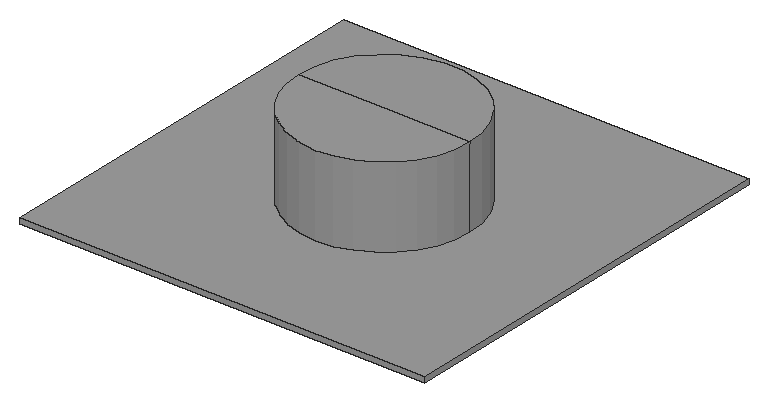
Revit family "Flashing_Preformed_Hyload_NutCover", category Generic Models, Revit 2013
Parameters (values of type "As Specified")
  Unit Width = 0' - 5"
  Unit Height = 0' - 1"
  Unit Depth = 0' - 5"
  URL = "http://www.hyload.com/"
  Thickness = 0' - 0 1/16"
  Specification = "http://www.arcat.com/sdspecs/htm04/07_65_00hyl.htm"
  Sales Information = "http://www.hyload.com/contact-us"
  Revision = "R1_12-2015"
  Product Properties = "http://www.hyload.com/masonry-flashing/preformed-shapes/"
  Product Data = "http://www.arcat.com/arcatcos/cos33/arc33176.html"
  Model = "Nut Cover"
  Manufacturer Website = "http://www.hyload.com/"
  Manufacturer Phone - Toll Free = "800-457-4056"
  Manufacturer Phone = "330-769-3546"
  Manufacturer Fax = "330-769-4153"
  Manufacturer Address = "5020 Panther Pkwy., Seville, OH 44273"
  Manufacturer = "Hyload"
  Keynote = "07 65 00"
  Hole Radius = 0' - 1"
  Flashing Material = Hyload Flashing Membrane - Grey
  Drawn By = "Robert S. Weygant / Sumex Design"
  Description = "Preformed Hyload Masonry Flashing - Nut Cover"
  Copyright = "(c) ARCAT, Inc, 2015"
  Construction Details = "http://www.arcat.com/details/hyload/hyload.html?coid=33176"
  Assembly Code = "B3010400"
Reference planes (in)
  plane 1 "Center (Front/Back)": y = 0
  plane 2: z = 0
  plane 3 "Center (Left/Right)": x = 0
  plane 4: y = 2.5
  plane 5: x = 2.5
  plane 6: z = 1
  plane 7: x = -2.5
  plane 8: y = -2.5
Forms (in)
  Extrusion 1, solid, material "Hyload Flashing Membrane - Grey" <- "Flashing Material"
    sketch origin (0, 0, 0) x (1, 0, 0) y (0, 1, 0)
      loop
        line (-2.5, 2.5) -> (-2.5, -2.5) -> (2.5, -2.5) -> (2.5, 2.5) -> (-2.5, 2.5)
      loop
        circle (0, 0) r 1
    from 0 to 0.0625 <- "Thickness"
  Revolve 2, solid, material "Hyload Flashing Membrane - Grey" <- "Flashing Material"
    sketch origin (0, 0, 0) x (1, 0, 0) y (0, 0, 1)
      loop
        line (0, 1) -> (0, 1.0625) -> (-1.0625, 1.0625) -> (-1.0625, 0.0625) -> (-1, 0.0625) -> (-1, 1) -> (0, 1)
      axis (0, 1.0625) -> (0, 0.0625)
    angle from 0 to 360
Dimensions and locks (in)
  "Unit Height": plane 6 to level
  equal spacing: plane 7, plane 3 "Center (Left/Right)", plane 5
  equal spacing: plane 4, plane 1 "Center (Front/Back)", plane 8
  "Unit Width": plane 7 to plane 5
  "Unit Depth": plane 4 to plane 8
  "Hole Radius": plane 3 "Center (Left/Right)" to Revolve 2 sketch curve
  "Thickness": Revolve 2 sketch curve to plane 6
  "Thickness": Revolve 2 sketch curve to Revolve 2 sketch curve
  "Hole Radius": radius of Extrusion 1 sketch curve
  aligned and locked: plane 2 to level
  aligned and locked: Extrusion 1 sketch curve to plane 4
  aligned and locked: Extrusion 1 sketch curve to plane 5
  aligned and locked: plane 8 to Extrusion 1 sketch curve
  aligned and locked: plane 7 to Extrusion 1 sketch curve
  aligned and locked: plane 1 "Center (Front/Back)" to Extrusion 1 sketch curve
  aligned and locked: plane 3 "Center (Left/Right)" to Extrusion 1 sketch curve
  aligned and locked: Revolve 2 sketch curve to plane 3 "Center (Left/Right)"  (x2)
  aligned and locked: plane 6 to Revolve 2 sketch curve
  aligned and locked: Extrusion 1 to Revolve 2 sketch curve
Automatic sketch dimensions
  Revolve 2 sketch curve to level = 2' - 0"
  Revolve 2 sketch curve to Revolve 2 sketch curve = 8' - 5.65632"
